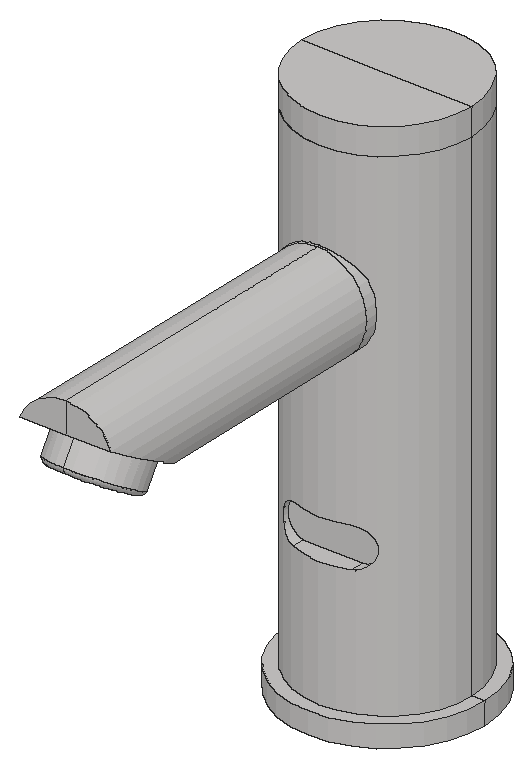
Revit family "16-654", category Specialty Equipment, Revit 2018
Family settings
  Round Connector Dimension = Use Diameter
  Part Type = Normal
  OmniClass Number = 23.45.05.14
  OmniClass Title = Plumbing Fixtures - Sanitary Washing Units
  Work Plane-Based = No
  Always vertical = Yes
  Cut with Voids When Loaded = No
  Shared = No
  Room Calculation Point = No
Parameters
  URL Cutsheet = ""
  Serial Number = ""
  Plumbing Remarks = ""
  Plumbing Connection Type = ""
  Model = "16-654"
  Masterspec = ""
  Manufacturer = "Krowne Metal"
  Item Number = ""
  Inlet Size = 1/2"
  Hot Water Size = 1/2"
  Hot Water RI Height = 0"
  Hot Water Flow = 2.2 GPM
  Hot Water Connection Height = 0"
  Foodservice Equipment Identifier = yes
  Description = "Single Hole Deck Mount"
  Cold Water Size = 1/2"
  Cold Water RI Height = 0"
  Cold Water Flow = 2.2 GPM
  Cold Water Connection Height = 0"
  Assembly Code = "D2010400"
Reference planes (in)
  plane 1 "Center (Front/Back)": y = 0
  plane 2: z = 0
  plane 3 "Center (Left/Right)": x = 0
  plane 4: x = -1.125
  plane 5: x = 1.125
  plane 6: x = -0.97517
  plane 7: x = 0.97517
  plane 8: z = 6.3125
  plane 9: z = 4.94189
  plane 10: z = 4.00859
  plane 11: y = -4.24332
  plane 12: y = -5.75
Forms (in)
  Revolve 1, solid, material "Metal_Finishes_Stainless Steel"
    sketch origin (0, 0, 0) x (1, 0, 0) y (0, 0, 1)
      loop
        line (-1.125, 0.25) -> (-1.125, 0) -> (0, 0) -> (0, 0.25) -> (-1.125, 0.25)
      axis (0, 0.25) -> (0, 0)
    angle from 0 to 360
  Revolve 2, solid, material "Metal_Finishes_Stainless Steel"
    sketch origin (0, 0, 0) x (1, 0, 0) y (0, 0, 1)
      loop
        line (-0.97517, 6.00588) -> (-0.97517, 0.25) -> (0, 0.25) -> (0, 6.00588) -> (-0.97517, 6.00588)
      axis (0, 6.00588) -> (0, 0.25)
    angle from 0 to 360
  Revolve 3, solid, material "Metal_Finishes_Stainless Steel"
    sketch origin (0, 0, 0) x (1, 0, 0) y (0, 0, 1)
      loop
        line (0, 6.3125) -> (-0.97517, 6.3125) -> (-0.97517, 6.00588) -> (0, 6.00588) -> (0, 6.3125)
      axis (0, 6.3125) -> (0, 6.00588)
    angle from 0 to 360
  Extrusion 4, void
    sketch origin (0, 0, 0) x (1, 0, 0) y (0, 0, 1)
      loop
        arc (-0.35965, 2.18431) -> (-0.54201, 1.95273) -> (-0.35965, 1.72115) r 0.23822
        line (-0.35965, 1.72115) -> (0.31948, 1.72115)
        arc (0.31948, 1.72115) -> (0.55106, 1.95273) -> (0.31948, 2.18431) r 0.23158
        line (0.31948, 2.18431) -> (-0.35965, 2.18431)
    from 0.75344 to 1.06442
  Revolve 5, solid, material "Metal_Finishes_Stainless Steel"
    sketch origin (0, 0, 0.03125) x (0, 1, 0) y (0, 0, 1)
      loop
        line (-1, 4.94189) -> (-4.61327, 4.94189) -> (-4.61327, 4.37623) -> (-0.86327, 4.37623) -> (-0.86327, 4.94189) -> (-1, 4.94189)
      axis (-0.86327, 4.37623) -> (-4.61327, 4.37623)
    angle from 0 to 360
  Extrusion 6, void
    sketch origin (0, 0, 0) x (0, 1, 0) y (0, 0, 1)
      loop
        line (-3.25635, 3.84182) -> (-4.61327, 4.62524) -> (-4.61327, 3.84182) -> (-3.25635, 3.84182)
    from -0.62009 to 0.60853
  Revolve 7, solid, material "Metal_Finishes_Stainless Steel"
    sketch origin (0, 0.01562, -0.01562) x (0, 1, 0) y (0, 0, 1)
      loop
        line (-4.07186, 4.31265) -> (-4.22035, 4.05546) -> (-3.78733, 3.80546) -> (-3.63884, 4.06265) -> (-4.07186, 4.31265)
      axis (-4.07186, 4.31265) -> (-4.22035, 4.05546)
    angle from 0 to 360
  Revolve 8, solid, material "Metal_Finishes_Stainless Steel"
    sketch origin (0, 0, 0) x (0, 1, 0) y (0, 0, 1)
      loop
        line (-4.23085, 3.99552) -> (-3.86004, 3.78144)
        arc (-3.86004, 3.78144) -> (-3.81452, 3.77152) -> (-3.77168, 3.78982) r 0.07657
        line (-3.77168, 3.78982) -> (-4.20513, 4.04007) -> (-4.23085, 3.99552)
      axis (-4.20513, 4.04007) -> (-4.23085, 3.99552)
    angle from 0 to 360
  Revolve 9, void
    sketch origin (0, -0.03122, 0.01397) x (0, 1, 0) y (0, 0, 1)
      loop
        line (-4.48849, 4.26135) -> (-4.54415, 4.16495) -> (-4.50908, 4.14471) -> (-4.45343, 4.2411) -> (-4.48849, 4.26135)
      axis (-4.45343, 4.2411) -> (-4.50908, 4.14471)
    angle from 0 to 360
  Revolve 10, void
    sketch origin (0, 0.09818, 0.01397) x (0, 1, 0) y (0, 0, 1)
      loop
        line (-4.5162, 4.21336) -> (-4.59295, 4.08042) -> (-4.55789, 4.06017) -> (-4.48114, 4.19311) -> (-4.5162, 4.21336)
      axis (-4.48114, 4.19311) -> (-4.55789, 4.06017)
    angle from 0 to 360
  Revolve 11, void
    sketch origin (0, 0.20243, 0.01397) x (0, 1, 0) y (0, 0, 1)
      loop
        line (-4.60781, 4.05469) -> (-4.57274, 4.03445) -> (-4.50732, 4.14776) -> (-4.54239, 4.168) -> (-4.60781, 4.05469)
      axis (-4.50732, 4.14776) -> (-4.57274, 4.03445)
    angle from 0 to 360
  Revolve 12, void
    sketch origin (0, 0.32821, 0.01397) x (0, 1, 0) y (0, 0, 1)
      loop
        line (-4.57283, 4.11528) -> (-4.63916, 4.00038) -> (-4.6041, 3.98014) -> (-4.53776, 4.09503) -> (-4.57283, 4.11528)
      axis (-4.53776, 4.09503) -> (-4.6041, 3.98014)
    angle from 0 to 360
  Revolve 13, void
    sketch origin (0, 0.44979, 0.01397) x (0, 1, 0) y (0, 0, 1)
      loop
        line (-4.6069, 4.05626) -> (-4.66858, 3.94943) -> (-4.63351, 3.92919) -> (-4.57184, 4.03601) -> (-4.6069, 4.05626)
      axis (-4.57184, 4.03601) -> (-4.63351, 3.92919)
    angle from 0 to 360
  Revolve 14, void
    sketch origin (0, 0.5564, 0.01397) x (0, 1, 0) y (0, 0, 1)
      loop
        line (-4.62989, 4.01645) -> (-4.69432, 3.90484) -> (-4.65926, 3.8846) -> (-4.59482, 3.9962) -> (-4.62989, 4.01645)
      axis (-4.59482, 3.9962) -> (-4.65926, 3.8846)
    angle from 0 to 360
  Revolve 15, void
    sketch origin (0, 0.63802, -0.02325) x (0, 1, 0) y (0, 0, 1)
      loop
        line (-4.63483, 4.00789) -> (-4.70266, 3.89039) -> (-4.6676, 3.87015) -> (-4.59976, 3.98765) -> (-4.63483, 4.00789)
      axis (-4.59976, 3.98765) -> (-4.6676, 3.87015)
    angle from 0 to 360
  Revolve 16, void
    sketch origin (0, 0.74313, -0.02325) x (0, 1, 0) y (0, 0, 1)
      loop
        line (-4.66115, 3.9623) -> (-4.7255, 3.85085) -> (-4.69043, 3.8306) -> (-4.62608, 3.94206) -> (-4.66115, 3.9623)
      axis (-4.62608, 3.94206) -> (-4.69043, 3.8306)
    angle from 0 to 360
  Revolve 17, void
    sketch origin (0.11246, -0.03122, 0.01397) x (0, 1, 0) y (0, 0, 1)
      loop
        line (-4.48849, 4.26135) -> (-4.54415, 4.16495) -> (-4.50908, 4.14471) -> (-4.45343, 4.2411) -> (-4.48849, 4.26135)
      axis (-4.45343, 4.2411) -> (-4.50908, 4.14471)
    angle from 0 to 360
  Revolve 18, void
    sketch origin (0.11246, 0.09818, 0.01397) x (0, 1, 0) y (0, 0, 1)
      loop
        line (-4.5162, 4.21336) -> (-4.59295, 4.08042) -> (-4.55789, 4.06017) -> (-4.48114, 4.19311) -> (-4.5162, 4.21336)
      axis (-4.48114, 4.19311) -> (-4.55789, 4.06017)
    angle from 0 to 360
  Revolve 19, void
    sketch origin (0.11246, 0.20243, 0.01397) x (0, 1, 0) y (0, 0, 1)
      loop
        line (-4.60781, 4.05469) -> (-4.57274, 4.03445) -> (-4.50732, 4.14776) -> (-4.54239, 4.168) -> (-4.60781, 4.05469)
      axis (-4.50732, 4.14776) -> (-4.57274, 4.03445)
    angle from 0 to 360
  Revolve 20, void
    sketch origin (0.11246, 0.32821, 0.01397) x (0, 1, 0) y (0, 0, 1)
      loop
        line (-4.57283, 4.11528) -> (-4.63916, 4.00038) -> (-4.6041, 3.98014) -> (-4.53776, 4.09503) -> (-4.57283, 4.11528)
      axis (-4.53776, 4.09503) -> (-4.6041, 3.98014)
    angle from 0 to 360
  Revolve 21, void
    sketch origin (0.11246, 0.44979, 0.01397) x (0, 1, 0) y (0, 0, 1)
      loop
        line (-4.6069, 4.05626) -> (-4.66858, 3.94943) -> (-4.63351, 3.92919) -> (-4.57184, 4.03601) -> (-4.6069, 4.05626)
      axis (-4.57184, 4.03601) -> (-4.63351, 3.92919)
    angle from 0 to 360
  Revolve 22, void
    sketch origin (0.11246, 0.5564, 0.01397) x (0, 1, 0) y (0, 0, 1)
      loop
        line (-4.62989, 4.01645) -> (-4.69432, 3.90484) -> (-4.65926, 3.8846) -> (-4.59482, 3.9962) -> (-4.62989, 4.01645)
      axis (-4.59482, 3.9962) -> (-4.65926, 3.8846)
    angle from 0 to 360
  Revolve 23, void
    sketch origin (0.11246, 0.63802, -0.02325) x (0, 1, 0) y (0, 0, 1)
      loop
        line (-4.63483, 4.00789) -> (-4.70266, 3.89039) -> (-4.6676, 3.87015) -> (-4.59976, 3.98765) -> (-4.63483, 4.00789)
      axis (-4.59976, 3.98765) -> (-4.6676, 3.87015)
    angle from 0 to 360
  Revolve 24, void
    sketch origin (0.11246, 0.75094, -0.02325) x (0, 1, 0) y (0, 0, 1)
      loop
        line (-4.66115, 3.9623) -> (-4.7255, 3.85085) -> (-4.69043, 3.8306) -> (-4.62608, 3.94206) -> (-4.66115, 3.9623)
      axis (-4.62608, 3.94206) -> (-4.69043, 3.8306)
    angle from 0 to 360
  Revolve 25, void
    sketch origin (0.11884, -0.03122, 0.01397) x (0, 1, 0) y (0, 0, 1)
      loop
        line (-4.48849, 4.26135) -> (-4.54415, 4.16495) -> (-4.50908, 4.14471) -> (-4.45343, 4.2411) -> (-4.48849, 4.26135)
      axis (-4.45343, 4.2411) -> (-4.50908, 4.14471)
    angle from 0 to 360
  Revolve 26, void
    sketch origin (0.11116, 0.74313, -0.02325) x (0, 1, 0) y (0, 0, 1)
      loop
        line (-4.66115, 3.9623) -> (-4.7255, 3.85085) -> (-4.69043, 3.8306) -> (-4.62608, 3.94206) -> (-4.66115, 3.9623)
      axis (-4.62608, 3.94206) -> (-4.69043, 3.8306)
    angle from 0 to 360
  Revolve 27, void
    sketch origin (-0.25, -0.03122, 0.01397) x (0, 1, 0) y (0, 0, 1)
      loop
        line (-4.48849, 4.26135) -> (-4.54415, 4.16495) -> (-4.50908, 4.14471) -> (-4.45343, 4.2411) -> (-4.48849, 4.26135)
      axis (-4.45343, 4.2411) -> (-4.50908, 4.14471)
    angle from 0 to 360
  Revolve 28, void
    sketch origin (-0.25, 0.09818, 0.01397) x (0, 1, 0) y (0, 0, 1)
      loop
        line (-4.5162, 4.21336) -> (-4.59295, 4.08042) -> (-4.55789, 4.06017) -> (-4.48114, 4.19311) -> (-4.5162, 4.21336)
      axis (-4.48114, 4.19311) -> (-4.55789, 4.06017)
    angle from 0 to 360
  Revolve 29, void
    sketch origin (-0.25, 0.20243, 0.01397) x (0, 1, 0) y (0, 0, 1)
      loop
        line (-4.60781, 4.05469) -> (-4.57274, 4.03445) -> (-4.50732, 4.14776) -> (-4.54239, 4.168) -> (-4.60781, 4.05469)
      axis (-4.50732, 4.14776) -> (-4.57274, 4.03445)
    angle from 0 to 360
  Revolve 30, void
    sketch origin (-0.25, 0.32821, 0.01397) x (0, 1, 0) y (0, 0, 1)
      loop
        line (-4.57283, 4.11528) -> (-4.63916, 4.00038) -> (-4.6041, 3.98014) -> (-4.53776, 4.09503) -> (-4.57283, 4.11528)
      axis (-4.53776, 4.09503) -> (-4.6041, 3.98014)
    angle from 0 to 360
  Revolve 31, void
    sketch origin (-0.25, 0.44979, 0.01397) x (0, 1, 0) y (0, 0, 1)
      loop
        line (-4.6069, 4.05626) -> (-4.66858, 3.94943) -> (-4.63351, 3.92919) -> (-4.57184, 4.03601) -> (-4.6069, 4.05626)
      axis (-4.57184, 4.03601) -> (-4.63351, 3.92919)
    angle from 0 to 360
  Revolve 32, void
    sketch origin (-0.25, 0.5564, 0.01397) x (0, 1, 0) y (0, 0, 1)
      loop
        line (-4.62989, 4.01645) -> (-4.69432, 3.90484) -> (-4.65926, 3.8846) -> (-4.59482, 3.9962) -> (-4.62989, 4.01645)
      axis (-4.59482, 3.9962) -> (-4.65926, 3.8846)
    angle from 0 to 360
  Revolve 33, void
    sketch origin (-0.25, 0.63802, -0.02325) x (0, 1, 0) y (0, 0, 1)
      loop
        line (-4.63483, 4.00789) -> (-4.70266, 3.89039) -> (-4.6676, 3.87015) -> (-4.59976, 3.98765) -> (-4.63483, 4.00789)
      axis (-4.59976, 3.98765) -> (-4.6676, 3.87015)
    angle from 0 to 360
  Revolve 34, void
    sketch origin (-0.25, 0.74313, -0.02325) x (0, 1, 0) y (0, 0, 1)
      loop
        line (-4.66115, 3.9623) -> (-4.7255, 3.85085) -> (-4.69043, 3.8306) -> (-4.62608, 3.94206) -> (-4.66115, 3.9623)
      axis (-4.62608, 3.94206) -> (-4.69043, 3.8306)
    angle from 0 to 360
  Revolve 35, void
    sketch origin (-0.13754, 0.09818, 0.01397) x (0, 1, 0) y (0, 0, 1)
      loop
        line (-4.5162, 4.21336) -> (-4.59295, 4.08042) -> (-4.55789, 4.06017) -> (-4.48114, 4.19311) -> (-4.5162, 4.21336)
      axis (-4.48114, 4.19311) -> (-4.55789, 4.06017)
    angle from 0 to 360
  Revolve 36, void
    sketch origin (-0.13754, 0.20243, 0.01397) x (0, 1, 0) y (0, 0, 1)
      loop
        line (-4.60781, 4.05469) -> (-4.57274, 4.03445) -> (-4.50732, 4.14776) -> (-4.54239, 4.168) -> (-4.60781, 4.05469)
      axis (-4.50732, 4.14776) -> (-4.57274, 4.03445)
    angle from 0 to 360
  Revolve 37, void
    sketch origin (-0.13754, 0.32821, 0.01397) x (0, 1, 0) y (0, 0, 1)
      loop
        line (-4.57283, 4.11528) -> (-4.63916, 4.00038) -> (-4.6041, 3.98014) -> (-4.53776, 4.09503) -> (-4.57283, 4.11528)
      axis (-4.53776, 4.09503) -> (-4.6041, 3.98014)
    angle from 0 to 360
  Revolve 38, void
    sketch origin (-0.13754, 0.44979, 0.01397) x (0, 1, 0) y (0, 0, 1)
      loop
        line (-4.6069, 4.05626) -> (-4.66858, 3.94943) -> (-4.63351, 3.92919) -> (-4.57184, 4.03601) -> (-4.6069, 4.05626)
      axis (-4.57184, 4.03601) -> (-4.63351, 3.92919)
    angle from 0 to 360
  Revolve 39, void
    sketch origin (-0.13754, 0.5564, 0.01397) x (0, 1, 0) y (0, 0, 1)
      loop
        line (-4.62989, 4.01645) -> (-4.69432, 3.90484) -> (-4.65926, 3.8846) -> (-4.59482, 3.9962) -> (-4.62989, 4.01645)
      axis (-4.59482, 3.9962) -> (-4.65926, 3.8846)
    angle from 0 to 360
  Revolve 40, void
    sketch origin (-0.13754, 0.63802, -0.02325) x (0, 1, 0) y (0, 0, 1)
      loop
        line (-4.63483, 4.00789) -> (-4.70266, 3.89039) -> (-4.6676, 3.87015) -> (-4.59976, 3.98765) -> (-4.63483, 4.00789)
      axis (-4.59976, 3.98765) -> (-4.6676, 3.87015)
    angle from 0 to 360
  Revolve 41, void
    sketch origin (-0.13116, -0.03122, 0.01397) x (0, 1, 0) y (0, 0, 1)
      loop
        line (-4.48849, 4.26135) -> (-4.54415, 4.16495) -> (-4.50908, 4.14471) -> (-4.45343, 4.2411) -> (-4.48849, 4.26135)
      axis (-4.45343, 4.2411) -> (-4.50908, 4.14471)
    angle from 0 to 360
  Revolve 42, void
    sketch origin (-0.13884, 0.74313, -0.02325) x (0, 1, 0) y (0, 0, 1)
      loop
        line (-4.66115, 3.9623) -> (-4.7255, 3.85085) -> (-4.69043, 3.8306) -> (-4.62608, 3.94206) -> (-4.66115, 3.9623)
      axis (-4.62608, 3.94206) -> (-4.69043, 3.8306)
    angle from 0 to 360
  Revolve 43, void
    sketch origin (0.2296, 0.09818, 0.01397) x (0, 1, 0) y (0, 0, 1)
      loop
        line (-4.5162, 4.21336) -> (-4.59295, 4.08042) -> (-4.55789, 4.06017) -> (-4.48114, 4.19311) -> (-4.5162, 4.21336)
      axis (-4.48114, 4.19311) -> (-4.55789, 4.06017)
    angle from 0 to 360
  Revolve 44, void
    sketch origin (0.2296, 0.20243, 0.01397) x (0, 1, 0) y (0, 0, 1)
      loop
        line (-4.60781, 4.05469) -> (-4.57274, 4.03445) -> (-4.50732, 4.14776) -> (-4.54239, 4.168) -> (-4.60781, 4.05469)
      axis (-4.50732, 4.14776) -> (-4.57274, 4.03445)
    angle from 0 to 360
  Revolve 45, void
    sketch origin (0.2296, 0.32821, 0.01397) x (0, 1, 0) y (0, 0, 1)
      loop
        line (-4.57283, 4.11528) -> (-4.63916, 4.00038) -> (-4.6041, 3.98014) -> (-4.53776, 4.09503) -> (-4.57283, 4.11528)
      axis (-4.53776, 4.09503) -> (-4.6041, 3.98014)
    angle from 0 to 360
  Revolve 46, void
    sketch origin (0.2296, 0.44979, 0.01397) x (0, 1, 0) y (0, 0, 1)
      loop
        line (-4.6069, 4.05626) -> (-4.66858, 3.94943) -> (-4.63351, 3.92919) -> (-4.57184, 4.03601) -> (-4.6069, 4.05626)
      axis (-4.57184, 4.03601) -> (-4.63351, 3.92919)
    angle from 0 to 360
  Revolve 47, void
    sketch origin (0.2296, 0.5564, 0.01397) x (0, 1, 0) y (0, 0, 1)
      loop
        line (-4.62989, 4.01645) -> (-4.69432, 3.90484) -> (-4.65926, 3.8846) -> (-4.59482, 3.9962) -> (-4.62989, 4.01645)
      axis (-4.59482, 3.9962) -> (-4.65926, 3.8846)
    angle from 0 to 360
  Revolve 48, void
    sketch origin (0.2296, 0.63802, -0.02325) x (0, 1, 0) y (0, 0, 1)
      loop
        line (-4.63483, 4.00789) -> (-4.70266, 3.89039) -> (-4.6676, 3.87015) -> (-4.59976, 3.98765) -> (-4.63483, 4.00789)
      axis (-4.59976, 3.98765) -> (-4.6676, 3.87015)
    angle from 0 to 360
  Revolve 49, void
    sketch origin (0.2296, 0.74313, -0.02325) x (0, 1, 0) y (0, 0, 1)
      loop
        line (-4.66115, 3.9623) -> (-4.7255, 3.85085) -> (-4.69043, 3.8306) -> (-4.62608, 3.94206) -> (-4.66115, 3.9623)
      axis (-4.62608, 3.94206) -> (-4.69043, 3.8306)
    angle from 0 to 360
  Revolve 50, void
    sketch origin (0.23598, -0.03122, 0.01397) x (0, 1, 0) y (0, 0, 1)
      loop
        line (-4.48849, 4.26135) -> (-4.54415, 4.16495) -> (-4.50908, 4.14471) -> (-4.45343, 4.2411) -> (-4.48849, 4.26135)
      axis (-4.45343, 4.2411) -> (-4.50908, 4.14471)
    angle from 0 to 360
  Revolve 51, void
    sketch origin (-0.35727, 0.09818, 0.01397) x (0, 1, 0) y (0, 0, 1)
      loop
        line (-4.5162, 4.21336) -> (-4.59295, 4.08042) -> (-4.55789, 4.06017) -> (-4.48114, 4.19311) -> (-4.5162, 4.21336)
      axis (-4.48114, 4.19311) -> (-4.55789, 4.06017)
    angle from 0 to 360
  Revolve 52, void
    sketch origin (-0.36508, 0.20243, 0.01397) x (0, 1, 0) y (0, 0, 1)
      loop
        line (-4.60781, 4.05469) -> (-4.57274, 4.03445) -> (-4.50732, 4.14776) -> (-4.54239, 4.168) -> (-4.60781, 4.05469)
      axis (-4.50732, 4.14776) -> (-4.57274, 4.03445)
    angle from 0 to 360
  Revolve 53, void
    sketch origin (-0.36508, 0.32821, 0.01397) x (0, 1, 0) y (0, 0, 1)
      loop
        line (-4.57283, 4.11528) -> (-4.63916, 4.00038) -> (-4.6041, 3.98014) -> (-4.53776, 4.09503) -> (-4.57283, 4.11528)
      axis (-4.53776, 4.09503) -> (-4.6041, 3.98014)
    angle from 0 to 360
  Revolve 54, void
    sketch origin (-0.36508, 0.44979, 0.01397) x (0, 1, 0) y (0, 0, 1)
      loop
        line (-4.6069, 4.05626) -> (-4.66858, 3.94943) -> (-4.63351, 3.92919) -> (-4.57184, 4.03601) -> (-4.6069, 4.05626)
      axis (-4.57184, 4.03601) -> (-4.63351, 3.92919)
    angle from 0 to 360
  Revolve 55, void
    sketch origin (-0.36508, 0.5564, 0.01397) x (0, 1, 0) y (0, 0, 1)
      loop
        line (-4.62989, 4.01645) -> (-4.69432, 3.90484) -> (-4.65926, 3.8846) -> (-4.59482, 3.9962) -> (-4.62989, 4.01645)
      axis (-4.59482, 3.9962) -> (-4.65926, 3.8846)
    angle from 0 to 360
  Revolve 56, void
    sketch origin (-0.36508, 0.63802, -0.02325) x (0, 1, 0) y (0, 0, 1)
      loop
        line (-4.63483, 4.00789) -> (-4.70266, 3.89039) -> (-4.6676, 3.87015) -> (-4.59976, 3.98765) -> (-4.63483, 4.00789)
      axis (-4.59976, 3.98765) -> (-4.6676, 3.87015)
    angle from 0 to 360
  Revolve 57, void
    sketch origin (0.34894, 0.09818, 0.01397) x (0, 1, 0) y (0, 0, 1)
      loop
        line (-4.5162, 4.21336) -> (-4.58809, 4.08885) -> (-4.55302, 4.0686) -> (-4.48114, 4.19311) -> (-4.5162, 4.21336)
      axis (-4.48114, 4.19311) -> (-4.55302, 4.0686)
    angle from 0 to 360
  Revolve 58, void
    sketch origin (0.34894, 0.20243, 0.01397) x (0, 1, 0) y (0, 0, 1)
      loop
        line (-4.60781, 4.05469) -> (-4.57274, 4.03445) -> (-4.50732, 4.14776) -> (-4.54239, 4.168) -> (-4.60781, 4.05469)
      axis (-4.50732, 4.14776) -> (-4.57274, 4.03445)
    angle from 0 to 360
  Revolve 59, void
    sketch origin (0.34894, 0.32821, 0.01397) x (0, 1, 0) y (0, 0, 1)
      loop
        line (-4.57283, 4.11528) -> (-4.63916, 4.00038) -> (-4.6041, 3.98014) -> (-4.53776, 4.09503) -> (-4.57283, 4.11528)
      axis (-4.53776, 4.09503) -> (-4.6041, 3.98014)
    angle from 0 to 360
  Revolve 60, void
    sketch origin (0.34894, 0.44979, 0.01397) x (0, 1, 0) y (0, 0, 1)
      loop
        line (-4.6069, 4.05626) -> (-4.66858, 3.94943) -> (-4.63351, 3.92919) -> (-4.57184, 4.03601) -> (-4.6069, 4.05626)
      axis (-4.57184, 4.03601) -> (-4.63351, 3.92919)
    angle from 0 to 360
  Revolve 61, void
    sketch origin (0.34894, 0.5564, 0.01397) x (0, 1, 0) y (0, 0, 1)
      loop
        line (-4.62989, 4.01645) -> (-4.69432, 3.90484) -> (-4.65926, 3.8846) -> (-4.59482, 3.9962) -> (-4.62989, 4.01645)
      axis (-4.59482, 3.9962) -> (-4.65926, 3.8846)
    angle from 0 to 360
  Revolve 62, void
    sketch origin (0.34894, 0.63802, -0.02325) x (0, 1, 0) y (0, 0, 1)
      loop
        line (-4.63483, 4.00789) -> (-4.70266, 3.89039) -> (-4.6676, 3.87015) -> (-4.59976, 3.98765) -> (-4.63483, 4.00789)
      axis (-4.59976, 3.98765) -> (-4.6676, 3.87015)
    angle from 0 to 360
  Extrusion 63, void
    sketch origin (0, 0.07617, 0.07422) x (0, 1, 0) y (0, 0, -1)
      loop
        line (-4.34188, -4.04578) -> (-4.19833, -3.95953) -> (-4.23199, -3.9035)
        arc (-4.23199, -3.9035) -> (-4.31604, -3.9262) -> (-4.37554, -3.98976) r 0.15901
        line (-4.37554, -3.98976) -> (-4.34188, -4.04578)
    from 0.45356 to 0.56339
Cuts and joins
  Extrusion 4, Extrusion 6, Revolve 9, Revolve 11, Revolve 13, Revolve 14, Revolve 16, Revolve 17, Revolve 19, Revolve 21, Revolve 22, Revolve 24, Revolve 27, Revolve 29, Revolve 31, Revolve 32, Revolve 34, Revolve 36, Revolve 38, Revolve 39, Revolve 44, Revolve 46, Revolve 47, Revolve 49, Revolve 52, Revolve 54, Revolve 55, Revolve 58, Revolve 60, Revolve 61, Extrusion 63 cuts Revolve 2
  Extrusion 6, Revolve 9, Revolve 11, Revolve 13, Revolve 14, Revolve 16, Revolve 17, Revolve 19, Revolve 21, Revolve 22, Revolve 24, Revolve 27, Revolve 29, Revolve 31, Revolve 32, Revolve 34, Revolve 36, Revolve 38, Revolve 39, Revolve 44, Revolve 46, Revolve 47, Revolve 49, Revolve 52, Revolve 54, Revolve 55, Revolve 58, Revolve 60, Revolve 61, Extrusion 63 cuts Revolve 5
  Revolve 9, Revolve 11, Revolve 13, Revolve 14, Revolve 16, Revolve 17, Revolve 19, Revolve 21, Revolve 22, Revolve 24, Revolve 27, Revolve 29, Revolve 31, Revolve 32, Revolve 34, Revolve 36, Revolve 38, Revolve 39, Revolve 44, Revolve 46, Revolve 47, Revolve 49, Revolve 52, Revolve 54, Revolve 55, Revolve 58, Revolve 60, Revolve 61, Extrusion 63 cuts Revolve 7
  joined: Revolve 2, Revolve 5, Revolve 7
  Revolve 9, Revolve 10, Revolve 11, Revolve 12, Revolve 13, Revolve 14, Revolve 15, Revolve 16, Revolve 18, Revolve 19, Revolve 20, Revolve 21, Revolve 22, Revolve 23, Revolve 25, Revolve 26, Revolve 27, Revolve 28, Revolve 29, Revolve 30, Revolve 31, Revolve 32, Revolve 33, Revolve 34, Revolve 35, Revolve 36, Revolve 37, Revolve 38, Revolve 39, Revolve 40, Revolve 41, Revolve 42, Revolve 43, Revolve 44, Revolve 45, Revolve 46, Revolve 47, Revolve 48, Revolve 50, Revolve 51, Revolve 52, Revolve 53, Revolve 54, Revolve 55, Revolve 56, Revolve 57, Revolve 58, Revolve 59, Revolve 60, Revolve 61, Revolve 62, Extrusion 63 cuts Revolve 8
Dimensions and locks (in)
  equal spacing: plane 5, plane 3 "Center (Left/Right)", plane 4, locked at 1.125 each
  locked: plane 5 to plane 4 at 2.25
  equal spacing: plane 7, plane 3 "Center (Left/Right)", plane 6, locked at 0.97517 each
  locked: plane 7 to plane 6 at 1.95033
  plane 8 to level = 6 5/16"  (x2)
  locked: plane 9 to level at 4.94189
  locked: plane 10 to level at 4.00859
  locked: plane 1 "Center (Front/Back)" to plane 11 at 4.24332
  locked: plane 1 "Center (Front/Back)" to plane 12 at 5.75
  aligned and locked: level to plane 2
Automatic sketch dimensions
  Revolve 1 sketch curve to plane 4 = 0"
  Revolve 1 sketch curve to level = 0"
  Revolve 1 sketch curve to plane 3 "Center (Left/Right)" = 0"  (x2)
  level to Revolve 1 sketch curve = 1/4"
  Revolve 1 sketch curve to Revolve 1 sketch curve = 1/4"  (x2)
  Revolve 2 sketch curve to plane 6 = 0"
  Revolve 2 sketch curve to plane 3 "Center (Left/Right)" = 0"  (x2)
  level to Revolve 2 sketch curve = 1/4"
  Revolve 2 sketch curve to plane 8 = 0.30662"
  Revolve 2 sketch curve to level = 0.39441"
  Revolve 2 sketch curve to Revolve 2 sketch curve = 0.08709"
  Revolve 3 sketch curve to plane 6 = 0"
  Revolve 3 sketch curve to plane 3 "Center (Left/Right)" = 0"  (x2)
  Revolve 3 sketch curve to plane 8 = 0"
  Revolve 3 sketch curve to Revolve 3 sketch curve = 0.30662"
  Revolve 3 sketch curve to Revolve 3 sketch curve = 0.12626"
  plane 8 to Revolve 3 sketch curve = 1/4"
  Extrusion 4 sketch curve to plane 3 "Center (Left/Right)" = 0.35965"  (x2)
  Extrusion 4 sketch curve to Extrusion 4 sketch curve = 0.05586"
  plane 3 "Center (Left/Right)" to Extrusion 4 sketch curve = 0.31948"
  level to Extrusion 4 sketch curve = 1.72115"
  Extrusion 4 sketch curve to Extrusion 4 sketch curve = 0.23158"
  plane 9 to Revolve 5 sketch curve = 1/32"
  plane 11 to Revolve 5 sketch curve = 0.36994"
  plane 1 "Center (Front/Back)" to Revolve 5 sketch curve = 1"
  Revolve 5 sketch curve to Revolve 5 sketch curve = 35/256"
  plane 10 to Revolve 5 sketch curve = 0.39889"  (x2)
  Revolve 5 sketch curve to plane 12 = 0.49803"
  Revolve 5 sketch curve to Revolve 5 sketch curve = 0.3613"
  plane 11 to Extrusion 6 sketch curve = 0.36994"
  Extrusion 6 sketch curve to plane 10 = 0.16676"
  Extrusion 6 sketch curve to plane 11 = 0.98697"
  Extrusion 6 sketch curve to plane 9 = 0.31665"
  Revolve 7 sketch curve to plane 11 = 0.0386"
  Revolve 7 sketch curve to plane 11 = 0.18709"
  Revolve 7 sketch curve to plane 11 = 0.47162"
  Revolve 7 sketch curve to plane 10 = 7/32"
  plane 10 to Revolve 7 sketch curve = 1/32"
  plane 11 to Revolve 7 sketch curve = 0.0861"
  Revolve 7 sketch curve to Revolve 7 sketch curve = 0.10181"
  Revolve 7 sketch curve to plane 10 = 0.18474"
  Revolve 7 sketch curve to Revolve 7 sketch curve = 0.17634"
  Revolve 8 sketch curve to plane 11 = 0.01248"
  Revolve 8 sketch curve to plane 11 = 0.0382"
  Revolve 8 sketch curve to plane 11 = 0.38329"
  Revolve 8 sketch curve to Revolve 8 sketch curve = 0.03829"
  Revolve 8 sketch curve to plane 10 = 7/32"
  Revolve 8 sketch curve to Revolve 8 sketch curve = 0.05007"
  Revolve 8 sketch curve to Revolve 8 sketch curve = 0.00838"
  plane 11 to Revolve 8 sketch curve = 0.01442"
  Revolve 8 sketch curve to plane 11 = 0.09891"
  Revolve 8 sketch curve to Revolve 8 sketch curve = 0.04659"
  Revolve 8 sketch curve to Revolve 8 sketch curve = 0.10515"
  plane 11 to Revolve 9 sketch curve = 85/256"
  Revolve 9 sketch curve to Revolve 9 sketch curve = 0.03507"
  Revolve 9 sketch curve to Revolve 9 sketch curve = 0.05565"
  plane 10 to Revolve 9 sketch curve = 0.15009"
  Revolve 9 sketch curve to Revolve 9 sketch curve = 0.02025"
  plane 10 to Revolve 9 sketch curve = 0.05017"
  Revolve 9 sketch curve to Revolve 9 sketch curve = 0.05769"
  Revolve 9 sketch curve to Revolve 9 sketch curve = 0.01165"
  Revolve 9 sketch curve to Revolve 9 sketch curve = 0.02019"
  plane 11 to Revolve 10 sketch curve = 0.25145"
  plane 10 to Revolve 10 sketch curve = 0.06556"
  Revolve 10 sketch curve to Revolve 10 sketch curve = 0.03507"
  Revolve 10 sketch curve to Revolve 10 sketch curve = 0.07675"
  Revolve 10 sketch curve to Revolve 10 sketch curve = 0.02025"
  plane 10 to Revolve 10 sketch curve = 0.05017"
  Revolve 10 sketch curve to Revolve 10 sketch curve = 0.00889"
  Revolve 10 sketch curve to Revolve 10 sketch curve = 0.03936"
  Revolve 10 sketch curve to Revolve 10 sketch curve = 0.06818"
  plane 10 to Revolve 11 sketch curve = 0.06008"
  plane 11 to Revolve 11 sketch curve = 0.16205"
  plane 10 to Revolve 11 sketch curve = 0.03983"
  Revolve 11 sketch curve to Revolve 11 sketch curve = 0.03507"
  plane 11 to Revolve 11 sketch curve = 0.09663"
  plane 10 to Revolve 11 sketch curve = 0.05017"
  Revolve 11 sketch curve to Revolve 11 sketch curve = 0.00596"
  Revolve 11 sketch curve to plane 11 = 0.00398"
  Revolve 11 sketch curve to Revolve 11 sketch curve = 0.11353"
  plane 10 to Revolve 12 sketch curve = 0.00577"
  plane 11 to Revolve 12 sketch curve = 0.06762"
  Revolve 12 sketch curve to plane 10 = 0.01448"
  plane 11 to Revolve 12 sketch curve = 0.03256"
  plane 11 to Revolve 12 sketch curve = 0.00129"
  Revolve 12 sketch curve to plane 11 = 0.00476"
  Revolve 12 sketch curve to plane 11 = 0.12976"
  plane 10 to Revolve 12 sketch curve = 0.05017"
  Revolve 12 sketch curve to Revolve 12 sketch curve = 0.16626"
  Revolve 13 sketch curve to plane 11 = 0.02454"
  Revolve 13 sketch curve to Revolve 13 sketch curve = 0.03507"
  Revolve 13 sketch curve to plane 11 = 0.08621"
  Revolve 13 sketch curve to plane 10 = 0.06543"
  Revolve 13 sketch curve to Revolve 13 sketch curve = 0.02025"
  plane 10 to Revolve 13 sketch curve = 0.05017"
  Revolve 13 sketch curve to Revolve 13 sketch curve = 0.00506"
  Revolve 13 sketch curve to Revolve 13 sketch curve = 1/8"
  Revolve 13 sketch curve to Revolve 13 sketch curve = 0.21651"
  Revolve 14 sketch curve to plane 11 = 0.1054"
  Revolve 14 sketch curve to Revolve 14 sketch curve = 0.03507"
  plane 10 to Revolve 14 sketch curve = 0.02183"
  Revolve 14 sketch curve to Revolve 14 sketch curve = 0.06443"
  plane 10 to Revolve 14 sketch curve = 0.00159"
  plane 10 to Revolve 14 sketch curve = 0.05017"
  Revolve 14 sketch curve to Revolve 14 sketch curve = 0.02805"
  Revolve 14 sketch curve to Revolve 14 sketch curve = 1/8"
  Revolve 14 sketch curve to Revolve 14 sketch curve = 0.21651"
  Revolve 15 sketch curve to plane 11 = 0.17868"
  Revolve 15 sketch curve to Revolve 15 sketch curve = 0.03507"
  Revolve 15 sketch curve to plane 10 = 0.02394"
  Revolve 15 sketch curve to Revolve 15 sketch curve = 0.06784"
  Revolve 15 sketch curve to Revolve 15 sketch curve = 0.02025"
  plane 10 to Revolve 15 sketch curve = 0.01295"
  Revolve 15 sketch curve to Revolve 15 sketch curve = 0.03299"
  Revolve 15 sketch curve to Revolve 15 sketch curve = 1/8"
  plane 10 to Revolve 15 sketch curve = 0.22945"
  Revolve 16 sketch curve to plane 11 = 0.26096"
  Revolve 16 sketch curve to Revolve 16 sketch curve = 0.03507"
  Revolve 16 sketch curve to plane 10 = 0.06953"
  Revolve 16 sketch curve to Revolve 16 sketch curve = 0.06435"
  Revolve 16 sketch curve to Revolve 16 sketch curve = 0.02025"
  plane 10 to Revolve 16 sketch curve = 0.01295"
  Revolve 16 sketch curve to Revolve 16 sketch curve = 0.05931"
  plane 10 to Revolve 16 sketch curve = 0.22945"
  Revolve 16 sketch curve to Revolve 16 sketch curve = 1/8"
  plane 11 to Revolve 17 sketch curve = 85/256"
  Revolve 17 sketch curve to Revolve 17 sketch curve = 0.03507"
  Revolve 17 sketch curve to Revolve 17 sketch curve = 0.05565"
  plane 10 to Revolve 17 sketch curve = 0.15009"
  Revolve 17 sketch curve to Revolve 17 sketch curve = 0.02025"
  plane 10 to Revolve 17 sketch curve = 0.05017"
  Revolve 17 sketch curve to Revolve 17 sketch curve = 0.05769"
  Revolve 17 sketch curve to Revolve 17 sketch curve = 0.01165"
  Revolve 17 sketch curve to Revolve 17 sketch curve = 0.02019"
  plane 11 to Revolve 18 sketch curve = 0.25145"
  plane 10 to Revolve 18 sketch curve = 0.06556"
  Revolve 18 sketch curve to Revolve 18 sketch curve = 0.03507"
  Revolve 18 sketch curve to Revolve 18 sketch curve = 0.07675"
  Revolve 18 sketch curve to Revolve 18 sketch curve = 0.02025"
  plane 10 to Revolve 18 sketch curve = 0.05017"
  Revolve 18 sketch curve to Revolve 18 sketch curve = 0.00889"
  Revolve 18 sketch curve to Revolve 18 sketch curve = 0.03936"
  Revolve 18 sketch curve to Revolve 18 sketch curve = 0.06818"
  plane 10 to Revolve 19 sketch curve = 0.06008"
  plane 11 to Revolve 19 sketch curve = 0.16205"
  plane 10 to Revolve 19 sketch curve = 0.03983"
  Revolve 19 sketch curve to Revolve 19 sketch curve = 0.03507"
  plane 11 to Revolve 19 sketch curve = 0.09663"
  plane 10 to Revolve 19 sketch curve = 0.05017"
  Revolve 19 sketch curve to Revolve 19 sketch curve = 0.00596"
  Revolve 19 sketch curve to plane 11 = 0.00398"
  Revolve 19 sketch curve to Revolve 19 sketch curve = 0.11353"
  plane 10 to Revolve 20 sketch curve = 0.00577"
  plane 11 to Revolve 20 sketch curve = 0.06762"
  Revolve 20 sketch curve to plane 10 = 0.01448"
  plane 11 to Revolve 20 sketch curve = 0.03256"
  plane 11 to Revolve 20 sketch curve = 0.00129"
  Revolve 20 sketch curve to plane 11 = 0.00476"
  Revolve 20 sketch curve to plane 11 = 0.12976"
  plane 10 to Revolve 20 sketch curve = 0.05017"
  Revolve 20 sketch curve to Revolve 20 sketch curve = 0.16626"
  Revolve 21 sketch curve to plane 11 = 0.02454"
  Revolve 21 sketch curve to Revolve 21 sketch curve = 0.03507"
  Revolve 21 sketch curve to plane 11 = 0.08621"
  Revolve 21 sketch curve to plane 10 = 0.06543"
  Revolve 21 sketch curve to Revolve 21 sketch curve = 0.02025"
  plane 10 to Revolve 21 sketch curve = 0.05017"
  Revolve 21 sketch curve to Revolve 21 sketch curve = 0.00506"
  Revolve 21 sketch curve to Revolve 21 sketch curve = 1/8"
  Revolve 21 sketch curve to Revolve 21 sketch curve = 0.21651"
  Revolve 22 sketch curve to plane 11 = 0.1054"
  Revolve 22 sketch curve to Revolve 22 sketch curve = 0.03507"
  plane 10 to Revolve 22 sketch curve = 0.02183"
  Revolve 22 sketch curve to Revolve 22 sketch curve = 0.06443"
  plane 10 to Revolve 22 sketch curve = 0.00159"
  plane 10 to Revolve 22 sketch curve = 0.05017"
  Revolve 22 sketch curve to Revolve 22 sketch curve = 0.02805"
  Revolve 22 sketch curve to Revolve 22 sketch curve = 1/8"
  Revolve 22 sketch curve to Revolve 22 sketch curve = 0.21651"
  Revolve 23 sketch curve to plane 11 = 0.17868"
  Revolve 23 sketch curve to Revolve 23 sketch curve = 0.03507"
  Revolve 23 sketch curve to plane 10 = 0.02394"
  Revolve 23 sketch curve to Revolve 23 sketch curve = 0.06784"
  Revolve 23 sketch curve to Revolve 23 sketch curve = 0.02025"
  plane 10 to Revolve 23 sketch curve = 0.01295"
  Revolve 23 sketch curve to Revolve 23 sketch curve = 0.03299"
  Revolve 23 sketch curve to Revolve 23 sketch curve = 1/8"
  plane 10 to Revolve 23 sketch curve = 0.22945"
  Revolve 24 sketch curve to plane 11 = 0.26877"
  Revolve 24 sketch curve to Revolve 24 sketch curve = 0.03507"
  Revolve 24 sketch curve to plane 10 = 0.06953"
  Revolve 24 sketch curve to Revolve 24 sketch curve = 0.06435"
  Revolve 24 sketch curve to Revolve 24 sketch curve = 0.02025"
  plane 10 to Revolve 24 sketch curve = 0.01295"
  Revolve 24 sketch curve to Revolve 24 sketch curve = 0.05931"
  plane 10 to Revolve 24 sketch curve = 0.22945"
  Revolve 24 sketch curve to Revolve 24 sketch curve = 1/8"
  plane 11 to Revolve 25 sketch curve = 85/256"
  Revolve 25 sketch curve to Revolve 25 sketch curve = 0.03507"
  Revolve 25 sketch curve to Revolve 25 sketch curve = 0.05565"
  plane 10 to Revolve 25 sketch curve = 0.15009"
  Revolve 25 sketch curve to Revolve 25 sketch curve = 0.02025"
  plane 10 to Revolve 25 sketch curve = 0.05017"
  Revolve 25 sketch curve to Revolve 25 sketch curve = 0.05769"
  Revolve 25 sketch curve to Revolve 25 sketch curve = 0.01165"
  Revolve 25 sketch curve to Revolve 25 sketch curve = 0.02019"
  Revolve 26 sketch curve to plane 11 = 0.26096"
  Revolve 26 sketch curve to Revolve 26 sketch curve = 0.03507"
  Revolve 26 sketch curve to plane 10 = 0.06953"
  Revolve 26 sketch curve to Revolve 26 sketch curve = 0.06435"
  Revolve 26 sketch curve to Revolve 26 sketch curve = 0.02025"
  plane 10 to Revolve 26 sketch curve = 0.01295"
  Revolve 26 sketch curve to Revolve 26 sketch curve = 0.05931"
  plane 10 to Revolve 26 sketch curve = 0.22945"
  Revolve 26 sketch curve to Revolve 26 sketch curve = 1/8"
  plane 11 to Revolve 27 sketch curve = 85/256"
  Revolve 27 sketch curve to Revolve 27 sketch curve = 0.03507"
  Revolve 27 sketch curve to Revolve 27 sketch curve = 0.05565"
  plane 10 to Revolve 27 sketch curve = 0.15009"
  Revolve 27 sketch curve to Revolve 27 sketch curve = 0.02025"
  plane 10 to Revolve 27 sketch curve = 0.05017"
  Revolve 27 sketch curve to Revolve 27 sketch curve = 0.05769"
  Revolve 27 sketch curve to Revolve 27 sketch curve = 0.01165"
  Revolve 27 sketch curve to Revolve 27 sketch curve = 0.02019"
  plane 11 to Revolve 28 sketch curve = 0.25145"
  plane 10 to Revolve 28 sketch curve = 0.06556"
  Revolve 28 sketch curve to Revolve 28 sketch curve = 0.03507"
  Revolve 28 sketch curve to Revolve 28 sketch curve = 0.07675"
  Revolve 28 sketch curve to Revolve 28 sketch curve = 0.02025"
  plane 10 to Revolve 28 sketch curve = 0.05017"
  Revolve 28 sketch curve to Revolve 28 sketch curve = 0.00889"
  Revolve 28 sketch curve to Revolve 28 sketch curve = 0.03936"
  Revolve 28 sketch curve to Revolve 28 sketch curve = 0.06818"
  plane 10 to Revolve 29 sketch curve = 0.06008"
  plane 11 to Revolve 29 sketch curve = 0.16205"
  plane 10 to Revolve 29 sketch curve = 0.03983"
  Revolve 29 sketch curve to Revolve 29 sketch curve = 0.03507"
  plane 11 to Revolve 29 sketch curve = 0.09663"
  plane 10 to Revolve 29 sketch curve = 0.05017"
  Revolve 29 sketch curve to Revolve 29 sketch curve = 0.00596"
  Revolve 29 sketch curve to plane 11 = 0.00398"
  Revolve 29 sketch curve to Revolve 29 sketch curve = 0.11353"
  plane 10 to Revolve 30 sketch curve = 0.00577"
  plane 11 to Revolve 30 sketch curve = 0.06762"
  Revolve 30 sketch curve to plane 10 = 0.01448"
  plane 11 to Revolve 30 sketch curve = 0.03256"
  plane 11 to Revolve 30 sketch curve = 0.00129"
  Revolve 30 sketch curve to plane 11 = 0.00476"
  Revolve 30 sketch curve to plane 11 = 0.12976"
  plane 10 to Revolve 30 sketch curve = 0.05017"
  Revolve 30 sketch curve to Revolve 30 sketch curve = 0.16626"
  Revolve 31 sketch curve to plane 11 = 0.02454"
  Revolve 31 sketch curve to Revolve 31 sketch curve = 0.03507"
  Revolve 31 sketch curve to plane 11 = 0.08621"
  Revolve 31 sketch curve to plane 10 = 0.06543"
  Revolve 31 sketch curve to Revolve 31 sketch curve = 0.02025"
  plane 10 to Revolve 31 sketch curve = 0.05017"
  Revolve 31 sketch curve to Revolve 31 sketch curve = 0.00506"
  Revolve 31 sketch curve to Revolve 31 sketch curve = 1/8"
  Revolve 31 sketch curve to Revolve 31 sketch curve = 0.21651"
  Revolve 32 sketch curve to plane 11 = 0.1054"
  Revolve 32 sketch curve to Revolve 32 sketch curve = 0.03507"
  plane 10 to Revolve 32 sketch curve = 0.02183"
  Revolve 32 sketch curve to Revolve 32 sketch curve = 0.06443"
  plane 10 to Revolve 32 sketch curve = 0.00159"
  plane 10 to Revolve 32 sketch curve = 0.05017"
  Revolve 32 sketch curve to Revolve 32 sketch curve = 0.02805"
  Revolve 32 sketch curve to Revolve 32 sketch curve = 1/8"
  Revolve 32 sketch curve to Revolve 32 sketch curve = 0.21651"
  Revolve 33 sketch curve to plane 11 = 0.17868"
  Revolve 33 sketch curve to Revolve 33 sketch curve = 0.03507"
  Revolve 33 sketch curve to plane 10 = 0.02394"
  Revolve 33 sketch curve to Revolve 33 sketch curve = 0.06784"
  Revolve 33 sketch curve to Revolve 33 sketch curve = 0.02025"
  plane 10 to Revolve 33 sketch curve = 0.01295"
  Revolve 33 sketch curve to Revolve 33 sketch curve = 0.03299"
  Revolve 33 sketch curve to Revolve 33 sketch curve = 1/8"
  plane 10 to Revolve 33 sketch curve = 0.22945"
  Revolve 34 sketch curve to plane 11 = 0.26096"
  Revolve 34 sketch curve to Revolve 34 sketch curve = 0.03507"
  Revolve 34 sketch curve to plane 10 = 0.06953"
  Revolve 34 sketch curve to Revolve 34 sketch curve = 0.06435"
  Revolve 34 sketch curve to Revolve 34 sketch curve = 0.02025"
  plane 10 to Revolve 34 sketch curve = 0.01295"
  Revolve 34 sketch curve to Revolve 34 sketch curve = 0.05931"
  plane 10 to Revolve 34 sketch curve = 0.22945"
  Revolve 34 sketch curve to Revolve 34 sketch curve = 1/8"
  plane 11 to Revolve 35 sketch curve = 0.25145"
  plane 10 to Revolve 35 sketch curve = 0.06556"
  Revolve 35 sketch curve to Revolve 35 sketch curve = 0.03507"
  Revolve 35 sketch curve to Revolve 35 sketch curve = 0.07675"
  Revolve 35 sketch curve to Revolve 35 sketch curve = 0.02025"
  plane 10 to Revolve 35 sketch curve = 0.05017"
  Revolve 35 sketch curve to Revolve 35 sketch curve = 0.00889"
  Revolve 35 sketch curve to Revolve 35 sketch curve = 0.03936"
  Revolve 35 sketch curve to Revolve 35 sketch curve = 0.06818"
  plane 10 to Revolve 36 sketch curve = 0.06008"
  plane 11 to Revolve 36 sketch curve = 0.16205"
  plane 10 to Revolve 36 sketch curve = 0.03983"
  Revolve 36 sketch curve to Revolve 36 sketch curve = 0.03507"
  plane 11 to Revolve 36 sketch curve = 0.09663"
  plane 10 to Revolve 36 sketch curve = 0.05017"
  Revolve 36 sketch curve to Revolve 36 sketch curve = 0.00596"
  Revolve 36 sketch curve to plane 11 = 0.00398"
  Revolve 36 sketch curve to Revolve 36 sketch curve = 0.11353"
  plane 10 to Revolve 37 sketch curve = 0.00577"
  plane 11 to Revolve 37 sketch curve = 0.06762"
  Revolve 37 sketch curve to plane 10 = 0.01448"
  plane 11 to Revolve 37 sketch curve = 0.03256"
  plane 11 to Revolve 37 sketch curve = 0.00129"
  Revolve 37 sketch curve to plane 11 = 0.00476"
  Revolve 37 sketch curve to plane 11 = 0.12976"
  plane 10 to Revolve 37 sketch curve = 0.05017"
  Revolve 37 sketch curve to Revolve 37 sketch curve = 0.16626"
  Revolve 38 sketch curve to plane 11 = 0.02454"
  Revolve 38 sketch curve to Revolve 38 sketch curve = 0.03507"
  Revolve 38 sketch curve to plane 11 = 0.08621"
  Revolve 38 sketch curve to plane 10 = 0.06543"
  Revolve 38 sketch curve to Revolve 38 sketch curve = 0.02025"
  plane 10 to Revolve 38 sketch curve = 0.05017"
  Revolve 38 sketch curve to Revolve 38 sketch curve = 0.00506"
  Revolve 38 sketch curve to Revolve 38 sketch curve = 1/8"
  Revolve 38 sketch curve to Revolve 38 sketch curve = 0.21651"
  Revolve 39 sketch curve to plane 11 = 0.1054"
  Revolve 39 sketch curve to Revolve 39 sketch curve = 0.03507"
  plane 10 to Revolve 39 sketch curve = 0.02183"
  Revolve 39 sketch curve to Revolve 39 sketch curve = 0.06443"
  plane 10 to Revolve 39 sketch curve = 0.00159"
  plane 10 to Revolve 39 sketch curve = 0.05017"
  Revolve 39 sketch curve to Revolve 39 sketch curve = 0.02805"
  Revolve 39 sketch curve to Revolve 39 sketch curve = 1/8"
  Revolve 39 sketch curve to Revolve 39 sketch curve = 0.21651"
  Revolve 40 sketch curve to plane 11 = 0.17868"
  Revolve 40 sketch curve to Revolve 40 sketch curve = 0.03507"
  Revolve 40 sketch curve to plane 10 = 0.02394"
  Revolve 40 sketch curve to Revolve 40 sketch curve = 0.06784"
  Revolve 40 sketch curve to Revolve 40 sketch curve = 0.02025"
  plane 10 to Revolve 40 sketch curve = 0.01295"
  Revolve 40 sketch curve to Revolve 40 sketch curve = 0.03299"
  Revolve 40 sketch curve to Revolve 40 sketch curve = 1/8"
  plane 10 to Revolve 40 sketch curve = 0.22945"
  plane 11 to Revolve 41 sketch curve = 85/256"
  Revolve 41 sketch curve to Revolve 41 sketch curve = 0.03507"
  Revolve 41 sketch curve to Revolve 41 sketch curve = 0.05565"
  plane 10 to Revolve 41 sketch curve = 0.15009"
  Revolve 41 sketch curve to Revolve 41 sketch curve = 0.02025"
  plane 10 to Revolve 41 sketch curve = 0.05017"
  Revolve 41 sketch curve to Revolve 41 sketch curve = 0.05769"
  Revolve 41 sketch curve to Revolve 41 sketch curve = 0.01165"
  Revolve 41 sketch curve to Revolve 41 sketch curve = 0.02019"
  Revolve 42 sketch curve to plane 11 = 0.26096"
  Revolve 42 sketch curve to Revolve 42 sketch curve = 0.03507"
  Revolve 42 sketch curve to plane 10 = 0.06953"
  Revolve 42 sketch curve to Revolve 42 sketch curve = 0.06435"
  Revolve 42 sketch curve to Revolve 42 sketch curve = 0.02025"
  plane 10 to Revolve 42 sketch curve = 0.01295"
  Revolve 42 sketch curve to Revolve 42 sketch curve = 0.05931"
  plane 10 to Revolve 42 sketch curve = 0.22945"
  Revolve 42 sketch curve to Revolve 42 sketch curve = 1/8"
  plane 11 to Revolve 43 sketch curve = 0.25145"
  plane 10 to Revolve 43 sketch curve = 0.06556"
  Revolve 43 sketch curve to Revolve 43 sketch curve = 0.03507"
  Revolve 43 sketch curve to Revolve 43 sketch curve = 0.07675"
  Revolve 43 sketch curve to Revolve 43 sketch curve = 0.02025"
  plane 10 to Revolve 43 sketch curve = 0.05017"
  Revolve 43 sketch curve to Revolve 43 sketch curve = 0.00889"
  Revolve 43 sketch curve to Revolve 43 sketch curve = 0.03936"
  Revolve 43 sketch curve to Revolve 43 sketch curve = 0.06818"
  plane 10 to Revolve 44 sketch curve = 0.06008"
  plane 11 to Revolve 44 sketch curve = 0.16205"
  plane 10 to Revolve 44 sketch curve = 0.03983"
  Revolve 44 sketch curve to Revolve 44 sketch curve = 0.03507"
  plane 11 to Revolve 44 sketch curve = 0.09663"
  plane 10 to Revolve 44 sketch curve = 0.05017"
  Revolve 44 sketch curve to Revolve 44 sketch curve = 0.00596"
  Revolve 44 sketch curve to plane 11 = 0.00398"
  Revolve 44 sketch curve to Revolve 44 sketch curve = 0.11353"
  plane 10 to Revolve 45 sketch curve = 0.00577"
  plane 11 to Revolve 45 sketch curve = 0.06762"
  Revolve 45 sketch curve to plane 10 = 0.01448"
  plane 11 to Revolve 45 sketch curve = 0.03256"
  plane 11 to Revolve 45 sketch curve = 0.00129"
  Revolve 45 sketch curve to plane 11 = 0.00476"
  Revolve 45 sketch curve to plane 11 = 0.12976"
  plane 10 to Revolve 45 sketch curve = 0.05017"
  Revolve 45 sketch curve to Revolve 45 sketch curve = 0.16626"
  Revolve 46 sketch curve to plane 11 = 0.02454"
  Revolve 46 sketch curve to Revolve 46 sketch curve = 0.03507"
  Revolve 46 sketch curve to plane 11 = 0.08621"
  Revolve 46 sketch curve to plane 10 = 0.06543"
  Revolve 46 sketch curve to Revolve 46 sketch curve = 0.02025"
  plane 10 to Revolve 46 sketch curve = 0.05017"
  Revolve 46 sketch curve to Revolve 46 sketch curve = 0.00506"
  Revolve 46 sketch curve to Revolve 46 sketch curve = 1/8"
  Revolve 46 sketch curve to Revolve 46 sketch curve = 0.21651"
  Revolve 47 sketch curve to plane 11 = 0.1054"
  Revolve 47 sketch curve to Revolve 47 sketch curve = 0.03507"
  plane 10 to Revolve 47 sketch curve = 0.02183"
  Revolve 47 sketch curve to Revolve 47 sketch curve = 0.06443"
  plane 10 to Revolve 47 sketch curve = 0.00159"
  plane 10 to Revolve 47 sketch curve = 0.05017"
  Revolve 47 sketch curve to Revolve 47 sketch curve = 0.02805"
  Revolve 47 sketch curve to Revolve 47 sketch curve = 1/8"
  Revolve 47 sketch curve to Revolve 47 sketch curve = 0.21651"
  Revolve 48 sketch curve to plane 11 = 0.17868"
  Revolve 48 sketch curve to Revolve 48 sketch curve = 0.03507"
  Revolve 48 sketch curve to plane 10 = 0.02394"
  Revolve 48 sketch curve to Revolve 48 sketch curve = 0.06784"
  Revolve 48 sketch curve to Revolve 48 sketch curve = 0.02025"
  plane 10 to Revolve 48 sketch curve = 0.01295"
  Revolve 48 sketch curve to Revolve 48 sketch curve = 0.03299"
  Revolve 48 sketch curve to Revolve 48 sketch curve = 1/8"
  plane 10 to Revolve 48 sketch curve = 0.22945"
  Revolve 49 sketch curve to plane 11 = 0.26096"
  Revolve 49 sketch curve to Revolve 49 sketch curve = 0.03507"
  Revolve 49 sketch curve to plane 10 = 0.06953"
  Revolve 49 sketch curve to Revolve 49 sketch curve = 0.06435"
  Revolve 49 sketch curve to Revolve 49 sketch curve = 0.02025"
  plane 10 to Revolve 49 sketch curve = 0.01295"
  Revolve 49 sketch curve to Revolve 49 sketch curve = 0.05931"
  plane 10 to Revolve 49 sketch curve = 0.22945"
  Revolve 49 sketch curve to Revolve 49 sketch curve = 1/8"
  plane 11 to Revolve 50 sketch curve = 85/256"
  Revolve 50 sketch curve to Revolve 50 sketch curve = 0.03507"
  Revolve 50 sketch curve to Revolve 50 sketch curve = 0.05565"
  plane 10 to Revolve 50 sketch curve = 0.15009"
  Revolve 50 sketch curve to Revolve 50 sketch curve = 0.02025"
  plane 10 to Revolve 50 sketch curve = 0.05017"
  Revolve 50 sketch curve to Revolve 50 sketch curve = 0.05769"
  Revolve 50 sketch curve to Revolve 50 sketch curve = 0.01165"
  Revolve 50 sketch curve to Revolve 50 sketch curve = 0.02019"
  plane 11 to Revolve 51 sketch curve = 0.25145"
  plane 10 to Revolve 51 sketch curve = 0.06556"
  Revolve 51 sketch curve to Revolve 51 sketch curve = 0.03507"
  Revolve 51 sketch curve to Revolve 51 sketch curve = 0.07675"
  Revolve 51 sketch curve to Revolve 51 sketch curve = 0.02025"
  plane 10 to Revolve 51 sketch curve = 0.05017"
  Revolve 51 sketch curve to Revolve 51 sketch curve = 0.00889"
  Revolve 51 sketch curve to Revolve 51 sketch curve = 0.03936"
  Revolve 51 sketch curve to Revolve 51 sketch curve = 0.06818"
  plane 10 to Revolve 52 sketch curve = 0.06008"
  plane 11 to Revolve 52 sketch curve = 0.16205"
  plane 10 to Revolve 52 sketch curve = 0.03983"
  Revolve 52 sketch curve to Revolve 52 sketch curve = 0.03507"
  plane 11 to Revolve 52 sketch curve = 0.09663"
  plane 10 to Revolve 52 sketch curve = 0.05017"
  Revolve 52 sketch curve to Revolve 52 sketch curve = 0.00596"
  Revolve 52 sketch curve to plane 11 = 0.00398"
  Revolve 52 sketch curve to Revolve 52 sketch curve = 0.11353"
  plane 10 to Revolve 53 sketch curve = 0.00577"
  plane 11 to Revolve 53 sketch curve = 0.06762"
  Revolve 53 sketch curve to plane 10 = 0.01448"
  plane 11 to Revolve 53 sketch curve = 0.03256"
  plane 11 to Revolve 53 sketch curve = 0.00129"
  Revolve 53 sketch curve to plane 11 = 0.00476"
  Revolve 53 sketch curve to plane 11 = 0.12976"
  plane 10 to Revolve 53 sketch curve = 0.05017"
  Revolve 53 sketch curve to Revolve 53 sketch curve = 0.16626"
  Revolve 54 sketch curve to plane 11 = 0.02454"
  Revolve 54 sketch curve to Revolve 54 sketch curve = 0.03507"
  Revolve 54 sketch curve to plane 11 = 0.08621"
  Revolve 54 sketch curve to plane 10 = 0.06543"
  Revolve 54 sketch curve to Revolve 54 sketch curve = 0.02025"
  plane 10 to Revolve 54 sketch curve = 0.05017"
  Revolve 54 sketch curve to Revolve 54 sketch curve = 0.00506"
  Revolve 54 sketch curve to Revolve 54 sketch curve = 1/8"
  Revolve 54 sketch curve to Revolve 54 sketch curve = 0.21651"
  Revolve 55 sketch curve to plane 11 = 0.1054"
  Revolve 55 sketch curve to Revolve 55 sketch curve = 0.03507"
  plane 10 to Revolve 55 sketch curve = 0.02183"
  Revolve 55 sketch curve to Revolve 55 sketch curve = 0.06443"
  plane 10 to Revolve 55 sketch curve = 0.00159"
  plane 10 to Revolve 55 sketch curve = 0.05017"
  Revolve 55 sketch curve to Revolve 55 sketch curve = 0.02805"
  Revolve 55 sketch curve to Revolve 55 sketch curve = 1/8"
  Revolve 55 sketch curve to Revolve 55 sketch curve = 0.21651"
  Revolve 56 sketch curve to plane 11 = 0.17868"
  Revolve 56 sketch curve to Revolve 56 sketch curve = 0.03507"
  Revolve 56 sketch curve to plane 10 = 0.02394"
  Revolve 56 sketch curve to Revolve 56 sketch curve = 0.06784"
  Revolve 56 sketch curve to Revolve 56 sketch curve = 0.02025"
  plane 10 to Revolve 56 sketch curve = 0.01295"
  Revolve 56 sketch curve to Revolve 56 sketch curve = 0.03299"
  Revolve 56 sketch curve to Revolve 56 sketch curve = 1/8"
  plane 10 to Revolve 56 sketch curve = 0.22945"
  plane 11 to Revolve 57 sketch curve = 0.24658"
  plane 10 to Revolve 57 sketch curve = 0.07399"
  Revolve 57 sketch curve to Revolve 57 sketch curve = 0.03507"
  Revolve 57 sketch curve to Revolve 57 sketch curve = 0.07188"
  Revolve 57 sketch curve to Revolve 57 sketch curve = 0.02025"
  plane 10 to Revolve 57 sketch curve = 0.05017"
  Revolve 57 sketch curve to Revolve 57 sketch curve = 0.01375"
  Revolve 57 sketch curve to Revolve 57 sketch curve = 0.03936"
  Revolve 57 sketch curve to Revolve 57 sketch curve = 0.06818"
  plane 10 to Revolve 58 sketch curve = 0.06008"
  plane 11 to Revolve 58 sketch curve = 0.16205"
  plane 10 to Revolve 58 sketch curve = 0.03983"
  Revolve 58 sketch curve to Revolve 58 sketch curve = 0.03507"
  plane 11 to Revolve 58 sketch curve = 0.09663"
  plane 10 to Revolve 58 sketch curve = 0.05017"
  Revolve 58 sketch curve to Revolve 58 sketch curve = 0.00596"
  Revolve 58 sketch curve to plane 11 = 0.00398"
  Revolve 58 sketch curve to Revolve 58 sketch curve = 0.11353"
  plane 10 to Revolve 59 sketch curve = 0.00577"
  plane 11 to Revolve 59 sketch curve = 0.06762"
  Revolve 59 sketch curve to plane 10 = 0.01448"
  plane 11 to Revolve 59 sketch curve = 0.03256"
  plane 11 to Revolve 59 sketch curve = 0.00129"
  Revolve 59 sketch curve to plane 11 = 0.00476"
  Revolve 59 sketch curve to plane 11 = 0.12976"
  plane 10 to Revolve 59 sketch curve = 0.05017"
  Revolve 59 sketch curve to Revolve 59 sketch curve = 0.16626"
  Revolve 60 sketch curve to plane 11 = 0.02454"
  Revolve 60 sketch curve to Revolve 60 sketch curve = 0.03507"
  Revolve 60 sketch curve to plane 11 = 0.08621"
  Revolve 60 sketch curve to plane 10 = 0.06543"
  Revolve 60 sketch curve to Revolve 60 sketch curve = 0.02025"
  plane 10 to Revolve 60 sketch curve = 0.05017"
  Revolve 60 sketch curve to Revolve 60 sketch curve = 0.00506"
  Revolve 60 sketch curve to Revolve 60 sketch curve = 1/8"
  Revolve 60 sketch curve to Revolve 60 sketch curve = 0.21651"
  Revolve 61 sketch curve to plane 11 = 0.1054"
  Revolve 61 sketch curve to Revolve 61 sketch curve = 0.03507"
  plane 10 to Revolve 61 sketch curve = 0.02183"
  Revolve 61 sketch curve to Revolve 61 sketch curve = 0.06443"
  plane 10 to Revolve 61 sketch curve = 0.00159"
  plane 10 to Revolve 61 sketch curve = 0.05017"
  Revolve 61 sketch curve to Revolve 61 sketch curve = 0.02805"
  Revolve 61 sketch curve to Revolve 61 sketch curve = 1/8"
  Revolve 61 sketch curve to Revolve 61 sketch curve = 0.21651"
  Revolve 62 sketch curve to plane 11 = 0.17868"
  Revolve 62 sketch curve to Revolve 62 sketch curve = 0.03507"
  Revolve 62 sketch curve to plane 10 = 0.02394"
  Revolve 62 sketch curve to Revolve 62 sketch curve = 0.06784"
  Revolve 62 sketch curve to Revolve 62 sketch curve = 0.02025"
  plane 10 to Revolve 62 sketch curve = 0.01295"
  Revolve 62 sketch curve to Revolve 62 sketch curve = 0.03299"
  Revolve 62 sketch curve to Revolve 62 sketch curve = 1/8"
  plane 10 to Revolve 62 sketch curve = 0.22945"
  plane 11 to Extrusion 63 sketch curve = 0.05604"
  plane 11 to Extrusion 63 sketch curve = 0.02238"
  Extrusion 63 sketch curve to plane 11 = 0.08535"
  Extrusion 63 sketch curve to plane 10 = 0.03086"
  Extrusion 63 sketch curve to plane 11 = 0.08751"
  plane 10 to Extrusion 63 sketch curve = 0.02516"
  Extrusion 63 sketch curve to Extrusion 63 sketch curve = 0.03366"
Connectors (in)
  piping at (0, 0, 0), diameter 0.5, driven by "Inlet Size"
    settings: on Revolve 1, index 1, connector inside diameter 24", connector length 0", flow factor 0, pipe flow 0 GPM, pressure drop 0.00 psi, fitting loss kfactor 0, connector angle 0.00°, fixture units 0, engagement length 0", angle of deflection 0.00°, flow configuration 0, flow direction 1, fitting loss method 0, system type 20, joint type 0, gender type 0, connector reference index -1, connector utility 0, adjustable connector no, is connector primary yes, connector description ""
